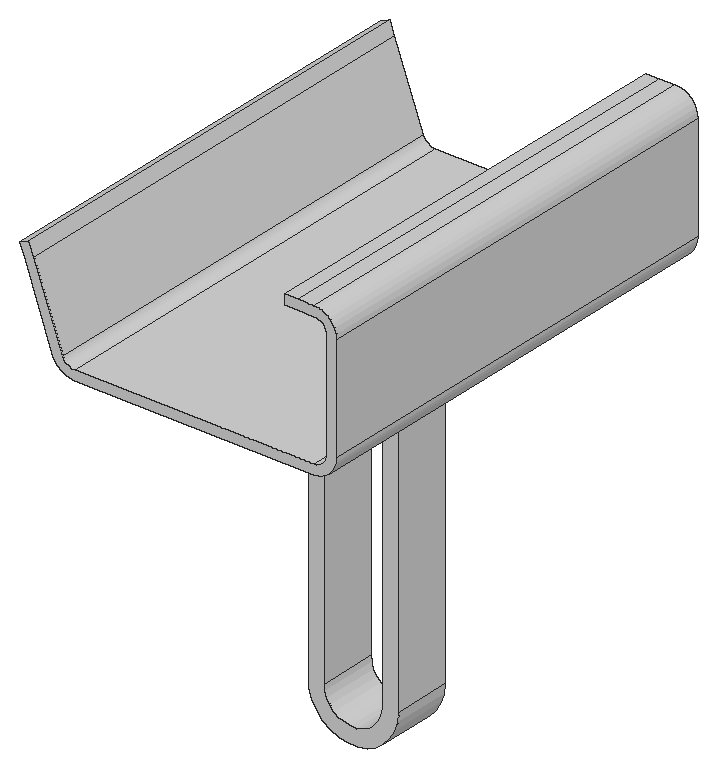
Revit family "EHL_SIMPLE HEAD VR_2211000", category Generic Models, Revit 2018
Family settings
  Can host rebar = No
  Round Connector Dimension = Use Diameter
  Part Type = Normal
  OmniClass Number = 35.51.14.00
  OmniClass Title = FORMWORK
  Work Plane-Based = Yes
  Always vertical = No
  Cut with Voids When Loaded = No
  Shared = Yes
  Room Calculation Point = No
Parameters
  VERSION = "20170217"  # constant formula
  URL = "www.ulmaconstruction.com/en"
  UNICLASS = ""
  Manufacturer = "ULMA CONSTRUCTION"  # constant formula
  ITEM_CODE = "2211000"
  FILTER [instance] = ""
  Default Elevation = 0.000 mm
  CLASSIFICATION_TITLE = ""
  CLASSIFICATION_NUMBER = ""
Reference planes
  plane 1 "Centro (Frontal/Posterior)": y = 0
  plane 2: z = 0
  plane 3 "Centro (Izquierda/Derecha)": x = 0
Forms (mm)
  Extrusion 1, solid, material "ULMA ZINC", detail levels medium+fine
    sketch origin (0, 0, 0) x (1, 0, 0) y (0, 0, 1)
      loop
        arc (-37.849, 3) -> (-40.143, 3.723) -> (-41.608, 5.632) r 4
        line (-41.608, 5.632) -> (-50.5, 30.063) -> (-51.868, 33.822) -> (-54.687, 32.796) -> (-53.319, 29.037) -> (-44.427, 4.606)
        arc (-44.427, 4.606) -> (-41.864, 1.266) -> (-37.849, 0) r 7
        line (-37.849, 0) -> (36.65, 0)
        arc (36.65, 0) -> (41.6, 2.05) -> (43.65, 7) r 7
        line (43.65, 7) -> (43.65, 40)
        arc (43.65, 40) -> (41.6, 44.95) -> (36.65, 47) r 7
        line (36.65, 47) -> (31.65, 47) -> (27.65, 47) -> (27.65, 44) -> (31.65, 44) -> (36.65, 44)
        arc (36.65, 44) -> (39.478, 42.828) -> (40.65, 40) r 4
        line (40.65, 40) -> (40.65, 7)
        arc (40.65, 7) -> (39.478, 4.172) -> (36.65, 3) r 4
        line (36.65, 3) -> (-37.849, 3)
    from -70 to 70
  Extrusion 2, solid, material "ULMA ZINC", detail levels fine
    sketch origin (0, 0, 0) x (1, 0, 0) y (0, 0, 1)
      loop
        line (-14, 0) -> (-14, -101)
        arc (-14, -101) -> (0, -115) -> (14, -101) r 14
        line (14, -101) -> (14, 0) -> (9, 0) -> (9, -101)
        arc (9, -101) -> (0, -110) -> (-9, -101) r 9
        line (-9, -101) -> (-9, 0) -> (-14, 0)
    from -9 to 9
Lines and regions (mm)
  model lines, style "ULMA HEAD", detail levels fine
    curve 1: circle (43.65, -50, 23.495) r 2.5 normal (1, 0, 0)
    curve 2: circle (43.65, 50, 23.495) r 2.5 normal (1, 0, 0)
    curve 3: circle (40.65, -50, 23.495) r 2.5 normal (1, 0, 0)
    curve 4: circle (40.65, 50, 23.495) r 2.5 normal (1, 0, 0)
  model lines, style "ULMA HEAD", detail levels coarse
    curve 5: line (-54.687, 70, 0) -> (-54.687, -70, 0)
    curve 6: line (-54.687, -70, 0) -> (43.65, -70, 0)
    curve 7: line (43.65, -70, 0) -> (43.65, 70, 0)
    curve 8: line (43.65, 70, 0) -> (-54.687, 70, 0)
Dimensions and locks
  aligned and locked: level to plane 2
